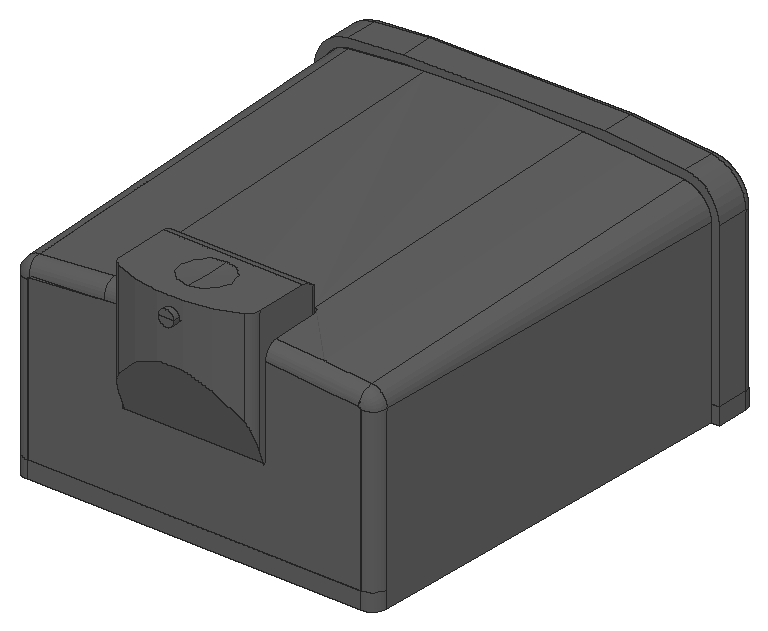
Revit family "Soap_Dispenser-Surface_Mounted-Bobrick-ClassicSeries-B-42", category Specialty Equipment, host Face, Revit 2014
Parameters (values of type "B-42")
  Width = 5 13/16"
  URL = "http://www.bobrick.com/Pages/default.aspx"
  Specification = "Soap dispenser shall have black, high-impact-resistant ABS wall bracket, lid, push button, and spout. Bracket shall be equipped with a locking device to secure lid, container, and a removable plastic key to disengage locking device. Vandal-resistant lid shall pivot up for top filling only after lock is disengaged. Corrosion-resistant valve shall have soap head-holding mushroom valve, stainless steel spring, U-packing seal, and duckbill; and shall dispense commercially marketed all-purpose hand soaps. Valve shall be operable with one hand and with less than 5 pounds of force (22.2 N) to comply with accessible design (including ADAAG in U.S.A.). Container shall be black, translucent ABS with a capacity of 40-fl oz (1.2-L), be retained to the wall bracket by a sliding latch and a container stop spring tab and shall be removable for maintenance or replacement."
  Product Page URL = "http://products.bobrick.com/washroomaccessories/Pages/ProductDetails.aspx?Product+Number=B-42"
  Product Documentation Link = "http://products.bobrick.com/Documents/B-42_td.pdf"
  Model = "B-42"  # constant formula
  Material = "ABS Plastic (Black)"
  Manufacturer = "Bobrick Washroom Equipment, Inc."  # constant formula
  Length = 3 3/8"
  Keynote = ""
  Height = 6 7/8"
  Finish = ABS Plastic (Black)
  Description = "Soap Dispenser For Liquid And Lotion Soaps, And Detergents"  # constant formula
  Default Elevation = 50"
  Capacity = "40-fl oz (1.2-L)"  # constant formula
  Assembly Code = "C1030200"
Reference planes (in)
  plane 1 "Center (Front/Back)": y = -15.27665
  plane 2 "Wall 1": z = 0
  plane 3 "Center (Left/Right)": x = 0
  plane 4: z = 3.375
  plane 5: y = -22.15165
  plane 6: x = -2.125
  plane 7: x = 2.125
  plane 8: y = -21.08915
  plane 9: y = -16.96415
  plane 10: x = -2.90625
  plane 11: x = 2.90625
  plane 12: y = -21.65165
  plane 13: y = -12.52665
Forms (in)
  Sweep 1, solid, material "ABS Plastic (Black)" <- "Finish"
    path origin (-60.9014, 11.66513, -13.66844) x (1, 0, 0) y (0, 0, -1)
      loop
        line (58.12015, -13.91844) -> (58.12015, -16.22987)
        arc (58.12015, -16.22987) -> (58.22859, -16.51371) -> (58.49867, -16.65294) r 0.4257
        arc (58.49867, -16.65294) -> (59.04539, -16.7069) -> (59.5933, -16.74699) r 21.681
        arc (59.5933, -16.74699) -> (60.72643, -16.78578) -> (61.86004, -16.76529) r 21.681
        arc (61.86004, -16.76529) -> (62.58302, -16.72118) -> (63.30413, -16.65294) r 21.681
        arc (63.30413, -16.65294) -> (63.5742, -16.51371) -> (63.68265, -16.22987) r 0.4257
        line (63.68265, -16.22987) -> (63.68265, -13.91844)
    profile origin (-2.78125, 11.66513, 1.40571) x (1, 0, 0) y (0, 1, 0)
      loop
        line (0, -27.53579) -> (0.17924, -33.10942)
        arc (0.17924, -33.10942) -> (0.24434, -33.25644) -> (0.39338, -33.31678) r 0.21425
        line (0.39338, -33.31678) -> (0.39338, -33.25428)
        arc (0.39338, -33.25428) -> (0.28782, -33.21154) -> (0.24171, -33.10741) r 0.15175
        line (0.24171, -33.10741) -> (0.06253, -27.53579) -> (0, -27.53579)
  Extrusion 2, solid, material "ABS Plastic (Black)" <- "Finish"
    sketch origin (-82.21709, -21.65165, 0) x (-1, 0, 0) y (0, -1, 0)
      loop
        arc (-79.43584, -6.375) -> (-79.34745, -6.33839) -> (-79.31084, -6.25) r 0.125
        line (-79.31084, -6.25) -> (-79.31084, -5.78099) -> (-79.43584, -5.78099) -> (-79.61508, -0.20736)
        arc (-79.61508, -0.20736) -> (-79.68018, -0.06034) -> (-79.82922, 0) r 0.21425
        line (-79.82922, 0) -> (-84.60496, 0)
        arc (-84.60496, 0) -> (-84.754, -0.06034) -> (-84.8191, -0.20736) r 0.21425
        line (-84.8191, -0.20736) -> (-84.99834, -5.78099) -> (-85.12334, -5.78099) -> (-85.12334, -6.25)
        arc (-85.12334, -6.25) -> (-85.08673, -6.33839) -> (-84.99834, -6.375) r 0.125
        line (-84.99834, -6.375) -> (-79.43584, -6.375)
    from 0 to 0.25
  Extrusion 3, void
    sketch origin (1, -62.29863, -1.68419) x (0, -1, 0) y (0, 0, 1)
      loop
        line (-40.19418, 4.25979) -> (-40.66665, 3.02896) -> (-40.66665, 1.69729) -> (-39.99134, 1.69729) -> (-39.99134, 4.25979) -> (-40.19418, 4.25979)
    from 0 to 2
  Extrusion 4, solid, material "ABS Plastic (Black)" <- "Finish"
    sketch origin (60.09768, -21.58271, 3.72914) x (-1, 0, 0) y (0, 0, -1)
      loop
        line (57.70981, 3.47914) -> (57.70981, 1.16771)
        arc (57.70981, 1.16771) -> (57.71804, 1.14617) -> (57.73854, 1.1356) r 0.03231
        arc (57.73854, 1.1356) -> (60.09768, 1.00447) -> (62.45681, 1.1356) r 21.28762
        arc (62.45681, 1.1356) -> (62.47731, 1.14617) -> (62.48554, 1.16771) r 0.03231
        line (62.48554, 1.16771) -> (62.48554, 3.47914) -> (57.70981, 3.47914)
    from -1.02338 to 0.06894
  Extrusion 5, solid, material "ABS Plastic (Black)" <- "Finish"
    sketch origin (-61.16458, -21.65165, -9.52092) x (1, 0, 0) y (0, 0, -1)
      loop
        line (63.94583, -9.76397) -> (58.38333, -9.76397) -> (58.38333, -12.09281)
        arc (58.38333, -12.09281) -> (58.49164, -12.37487) -> (58.7609, -12.51195) r 0.42142
        arc (58.7609, -12.51195) -> (59.15873, -12.5501) -> (59.55716, -12.58136) r 23.09675
        arc (59.55716, -12.58136) -> (60.98599, -12.63667) -> (62.41551, -12.60346) r 23.09675
        arc (62.41551, -12.60346) -> (62.98981, -12.56513) -> (63.56298, -12.5125) r 23.09675
        arc (63.56298, -12.5125) -> (63.836, -12.37357) -> (63.94583, -12.0876) r 0.42721
        line (63.94583, -12.0876) -> (63.94583, -9.76397)
    from 6.3125 to 6.375
  Extrusion 6, solid, material "ABS Plastic (Black)" <- "Finish"
    sketch origin (103.47693, 0.23199, 0.12673) x (0, 1, 0) y (1, 0, 0)
      loop
        line (-21.95258, -104.47693) -> (-21.00798, -104.47693)
        arc (-21.00798, -104.47693) -> (-20.95411, -104.45461) -> (-20.93179, -104.40074) r 0.07619
        line (-20.93179, -104.40074) -> (-20.93179, -102.55312)
        arc (-20.93179, -102.55312) -> (-20.95411, -102.49925) -> (-21.00798, -102.47693) r 0.07619
        line (-21.00798, -102.47693) -> (-21.95258, -102.47693)
        arc (-21.95258, -102.47693) -> (-22.04313, -102.50326) -> (-22.10544, -102.57404) r 0.16886
        arc (-22.10544, -102.57404) -> (-22.30679, -103.47693) -> (-22.10544, -104.37981) r 2.125
        arc (-22.10544, -104.37981) -> (-22.04313, -104.4506) -> (-21.95258, -104.47693) r 0.16886
    from -3.24827 to -1.13637
  Extrusion 7, void
    sketch origin (1, 0.23939, -17.09095) x (0, 1, 0) y (0, 0, -1)
      loop
        arc (-20.93919, -20.21595) -> (-21.01241, -20.39273) -> (-21.18919, -20.46595) r 0.25
        line (-21.18919, -20.46595) -> (-21.18919, -20.51463) -> (-20.89193, -20.51463) -> (-20.89193, -20.21595) -> (-20.93919, -20.21595)
    from 0 to 2
  Revolve 8, solid, material "ABS Plastic (Black)" <- "Finish"
    sketch origin (101.70725, -18.96494, 3.125) x (0, 1, 0) y (-1, 0, 0)
      loop
        line (-3.18671, 101.70634) -> (-2.83433, 101.70634) -> (-2.83433, 101.81889) -> (-3.18671, 101.81889) -> (-3.18671, 101.70634)
      axis (-2.83433, 101.70634) -> (-3.18671, 101.70634)
    angle from 0 to 360
  Extrusion 9, void
    sketch origin (25.12901, -19.13226, 0) x (0, 1, 0) y (1, 0, 0)
      loop
        circle (2.16811, -23.00401) r 0.125
      loop
        circle (2.16811, -27.25401) r 0.125
      loop
        circle (-1.95689, -25.12901) r 0.125
    from -0.25 to 0
  Revolve 10, void
    sketch origin (-0.00283, -22.25194, 13.49404) x (0, 0, 1) y (0, -1, 0)
      loop
        line (-6.88882, 2.41979) -> (-6.88882, -4.08021)
        arc (-6.88882, -4.08021) -> (-3.63882, -0.83021) -> (-6.88882, 2.41979) r 3.25
      axis (-6.88882, 2.41979) -> (-6.88882, -4.08021)
    angle from 0 to 360
  Sweep 11, void
    path origin (0, 0, 0) x (1, 0, 0) y (0, 1, 0)
      loop
        line (-1.00658, -21.74365) -> (-1.00658, -20.77927)
        arc (-1.00658, -20.77927) -> (-0.98135, -20.71834) -> (-0.92042, -20.6931) r 0.08617
        line (-0.92042, -20.6931) -> (0.92321, -20.6931)
        arc (0.92321, -20.6931) -> (0.98302, -20.71787) -> (1.00779, -20.77768) r 0.08458
        line (1.00779, -20.77768) -> (1.00779, -21.74238)
    profile origin (-1.00658, -21.26146, 0) x (-1, 0, 0) y (0, 0, 1)
      loop
        line (0.01776, 3.56123) -> (-0.04136, 3.56123) -> (-0.04136, 1.39648) -> (0.01776, 1.39648) -> (0.01776, 3.56123)
  Sweep 12, solid, material "ABS Plastic (Black)" <- "Finish"
    path origin (-61.16458, -15.33915, -9.52092) x (1, 0, 0) y (0, 0, -1)
      loop
        line (58.38333, -9.77092) -> (58.38333, -12.09281)
        arc (58.38333, -12.09281) -> (58.49164, -12.37487) -> (58.7609, -12.51195) r 0.42142
        arc (58.7609, -12.51195) -> (59.15873, -12.5501) -> (59.55716, -12.58136) r 23.09675
        arc (59.55716, -12.58136) -> (60.98599, -12.63667) -> (62.41551, -12.60346) r 23.09675
        arc (62.41551, -12.60346) -> (62.98981, -12.56513) -> (63.56298, -12.5125) r 23.09675
        arc (63.56298, -12.5125) -> (63.836, -12.37357) -> (63.94583, -12.0876) r 0.42721
        line (63.94583, -12.0876) -> (63.94583, -9.77092)
    profile origin (2.78125, -15.33915, 1.40834) x (0, 1, 0) y (-1, 0, 0)
      loop
        arc (-0.0625, -0.125) -> (0.02589, -0.08839) -> (0.0625, 0) r 0.125
        line (0.0625, 0) -> (-0.53151, 0) -> (-0.53151, -0.125) -> (-0.0625, -0.125)
Cuts and joins
  Extrusion 3, Extrusion 7, Revolve 10 cuts Extrusion 6
  Sweep 11 cuts Sweep 1
  Extrusion 9 cuts Extrusion 2
  joined: Sweep 1, Extrusion 2, Extrusion 5
  Sweep 11 cuts Extrusion 4
Lines and regions (in)
  Masking region 1
    outline origin (0, -15.27665, 0) x (1, 0, 0) y (0, 0, 1)
      loop
        line (2.90625, 0.25) -> (2.90625, 2.56667)
        arc (2.90625, 2.56667) -> (2.76428, 2.93632) -> (2.41138, 3.1159) r 0.55221
        arc (2.41138, 3.1159) -> (1.83511, 3.16882) -> (1.25769, 3.20736) r 23.22175
        arc (1.25769, 3.20736) -> (1.1288, 3.21399) -> (0.99987, 3.21991) r 23.22175
        line (0.99987, 3.21991) -> (0.99987, 3.37528) -> (-1.00013, 3.37528) -> (-1.00013, 3.21989)
        arc (-1.00013, 3.21989) -> (-1.30825, 3.20456) -> (-1.61613, 3.18514) r 23.22175
        arc (-1.61613, 3.18514) -> (-2.01671, 3.1537) -> (-2.41669, 3.11535) r 23.22175
        arc (-2.41669, 3.11535) -> (-2.76581, 2.93761) -> (-2.90625, 2.57189) r 0.54642
        line (-2.90625, 2.57189) -> (-2.90625, 0.25) -> (-2.90625, 0) -> (2.90625, 0) -> (2.90625, 0.25)
  symbolic lines, detail levels medium+fine
    curve 1: arc (0.99987, -15.27665, 3.21991) -> (0, -15.27665, 3.24404) -> (-0.99987, -15.27665, 3.21991) r 20.72313
Dimensions and locks (in)
  Sweep 1 to plane 5 = 1/2"
  "Width": plane 10 to plane 11
  "Height": plane 5 to plane 1 "Center (Front/Back)"
  plane 9 to plane 8 = 4 1/8"
  plane 6 to plane 3 "Center (Left/Right)" = 2 1/8"
  cut or joined group of Extrusion 4, Sweep 11 to plane 1 "Center (Front/Back)" = 6 3/8"
  plane 13 to plane 12 = 9 1/8"
  "Length": host face to plane 4
  aligned and locked: plane 2 "Wall 1" to host face
  aligned and locked: level to host face
  aligned and locked: Extrusion 3 to Extrusion 6
  aligned and locked: Extrusion 6 to Extrusion 3
  aligned and locked: plane 6 to Extrusion 9 sketch curve
  aligned and locked: plane 9 to Extrusion 9 sketch curve  (x2)
  aligned and locked: plane 7 to Extrusion 9 sketch curve
  aligned and locked: plane 8 to Extrusion 9 sketch curve
  aligned and locked: plane 3 "Center (Left/Right)" to Extrusion 9 sketch curve
  aligned and locked: Extrusion 2 to Extrusion 9
  aligned and locked: Sweep 1 to Extrusion 9
Automatic sketch dimensions
  host sketch curve to host sketch curve = 59.99564"
  host sketch curve to host sketch curve = 66.48732"
  Sweep 1 sketch curve to plane 3 "Center (Left/Right)" = 0"
  Sweep 1 sketch curve to plane 6 = 0.23055"
  Sweep 1 sketch curve to plane 10 = 1/8"
  plane 7 to Sweep 1 sketch curve = 0.23055"
  plane 11 to Sweep 1 sketch curve = 1/8"
  plane 4 to Sweep 1 sketch curve = 0.81357"  (x2)
  Sweep 1 sketch curve to level = 18.56295"
  Sweep 1 sketch curve to Sweep 1 sketch curve = 0"  (x7)
  level to Sweep 1 sketch curve = 1/4"  (x2)
  Sweep 1 sketch curve to profile plane = 0"
  Sweep 1 sketch curve to Sweep 1 sketch curve = 0.06253"
  Sweep 1 sketch curve to profile plane = 0.17924"
  Sweep 1 sketch curve to Sweep 1 sketch curve = 0.06247"
  Sweep 1 sketch curve to Sweep 1 sketch curve = 0.15167"
  Sweep 1 sketch curve to profile plane = 33.31678"
  Sweep 1 sketch curve to Sweep 1 sketch curve = 1/16"
  Sweep 1 sketch curve to Sweep 1 sketch curve = 0.14486"
  Sweep 1 sketch curve to Sweep 1 sketch curve = 5.57162"
  Extrusion 2 sketch curve to plane 11 = 0"
  plane 1 "Center (Front/Back)" to Extrusion 2 sketch curve = 0"
  Extrusion 2 sketch curve to plane 10 = 0"
  Extrusion 2 sketch curve to Extrusion 2 sketch curve = 1/8"
  plane 11 to Extrusion 2 sketch curve = 1/8"
  plane 11 to Extrusion 2 sketch curve = 0.30424"
  Extrusion 2 sketch curve to Extrusion 2 sketch curve = 0.21414"  (x2)
  Extrusion 2 sketch curve to plane 6 = 0.26287"
  Extrusion 2 sketch curve to plane 10 = 1/8"  (x2)
  Extrusion 2 sketch curve to Extrusion 2 sketch curve = 0.46901"  (x2)
  Extrusion 2 sketch curve to plane 8 = 0.34825"
  Extrusion 2 sketch curve to Extrusion 2 sketch curve = 0"
  Extrusion 2 sketch curve to Extrusion 2 sketch curve = 0.00689"
  Extrusion 3 sketch curve to plane 5 = 0.51967"
  Extrusion 3 sketch curve to plane 5 = 0.0472"
  plane 5 to Extrusion 3 sketch curve = 0.15564"
  level to Extrusion 3 sketch curve = 0.0131"
  Extrusion 3 sketch curve to Extrusion 3 sketch curve = 1.33166"
  plane 4 to Extrusion 3 sketch curve = 0.7994"
  Extrusion 4 sketch curve to plane 3 "Center (Left/Right)" = 0"
  plane 7 to Extrusion 4 sketch curve = 0.23055"
  plane 7 to Extrusion 4 sketch curve = 0.26287"
  Extrusion 4 sketch curve to plane 6 = 0.23055"
  Extrusion 4 sketch curve to plane 6 = 0.26287"
  plane 4 to Extrusion 4 sketch curve = 0.81357"  (x2)
  level to Extrusion 4 sketch curve = 1/4"
  Extrusion 4 sketch curve to level = 18.56295"
  Extrusion 4 sketch curve to Extrusion 4 sketch curve = 0"
  Extrusion 6 sketch curve to plane 3 "Center (Left/Right)" = 0"
  Extrusion 6 sketch curve to plane 5 = 0.43106"  (x2)
  plane 8 to Extrusion 6 sketch curve = 0.31315"  (x2)
  Extrusion 6 sketch curve to Extrusion 6 sketch curve = 0.07619"
  plane 8 to Extrusion 6 sketch curve = 1.13935"
  plane 3 "Center (Left/Right)" to Extrusion 6 sketch curve = 0.83114"
  plane 3 "Center (Left/Right)" to Extrusion 6 sketch curve = 0.92381"
  Extrusion 6 sketch curve to plane 3 "Center (Left/Right)" = 0.83114"
  Extrusion 6 sketch curve to plane 3 "Center (Left/Right)" = 0.92381"
  Extrusion 6 sketch curve to Extrusion 6 sketch curve = 0"
  Extrusion 7 sketch curve to Extrusion 6 = 0"
  Extrusion 6 to Extrusion 7 sketch curve = 0.17381"
  Extrusion 7 sketch curve to Extrusion 6 = 0.07619"
  Extrusion 6 to Extrusion 7 sketch curve = 0.04868"
  Extrusion 7 sketch curve to Extrusion 6 = 0.12345"
  plane 5 to Revolve 8 sketch curve = 0"  (x2)
  Revolve 8 sketch curve to plane 3 "Center (Left/Right)" = 0.11164"
  Revolve 8 sketch curve to plane 5 = 0.35237"
  plane 3 "Center (Left/Right)" to Revolve 8 sketch curve = 0.00091"  (x2)
  Revolve 8 sketch curve to Revolve 8 sketch curve = 0.12355"
  Revolve 10 sketch curve to plane 9 = 1.20757"
  Revolve 10 sketch curve to plane 4 = 3.23022"
  Revolve 10 sketch curve to plane 5 = 0.72993"
  Revolve 10 sketch curve to Revolve 10 sketch curve = 0"  (x2)
  plane 9 to Revolve 10 sketch curve = 0.79243"
  plane 8 to Sweep 11 sketch curve = 0.30988"
  Sweep 11 sketch curve to plane 3 "Center (Left/Right)" = 1.00658"
  Sweep 11 sketch curve to Sweep 11 sketch curve = 0.08617"
  plane 3 "Center (Left/Right)" to Sweep 11 sketch curve = 0.92321"
  Sweep 11 sketch curve to Sweep 11 sketch curve = 0.08458"
  Sweep 11 sketch curve to plane 5 = 0.40927"
  Sweep 11 sketch curve to plane 5 = 0.408"
  profile plane to Sweep 11 sketch curve = 0.04136"
  Sweep 11 sketch curve to profile plane = 0.01776"
  profile plane to Sweep 11 sketch curve = 1.39648"
  Sweep 11 sketch curve to Sweep 11 sketch curve = 2.16475"
  plane 4 to Sweep 1 sketch curve = 0.27815"
  plane 4 to Sweep 1 sketch curve = 0.29644"
  Extrusion 5 to Sweep 12 sketch curve = 0.00695"  (x2)
  Sweep 12 sketch curve to profile plane = 0"
  profile plane to Sweep 12 sketch curve = 1/8"
  Sweep 12 sketch curve to profile plane = 0.53151"
  Sweep 12 sketch curve to profile plane = 1/16"
  Extrusion 5 sketch curve to Extrusion 5 sketch curve = 0"  (x7)
  Extrusion 5 sketch curve to plane 3 "Center (Left/Right)" = 0"
  Extrusion 5 sketch curve to plane 6 = 0.23483"
  Extrusion 5 sketch curve to plane 10 = 1/8"
  plane 7 to Extrusion 5 sketch curve = 0.22904"
  plane 11 to Extrusion 5 sketch curve = 1/8"
  plane 4 to Extrusion 5 sketch curve = 0.80311"
  plane 4 to Extrusion 5 sketch curve = 0.80833"
  level to Extrusion 5 sketch curve = 0.24305"
  Extrusion 5 sketch curve to level = 19.98031"
  plane 6 to Extrusion 5 sketch curve = 0.51757"
  plane 4 to Extrusion 5 sketch curve = 0.29246"
  Sweep 12 sketch curve to Extrusion 5 = 0"
  Extrusion 5 to Sweep 12 sketch curve = 0"
  Sweep 12 sketch curve to Sweep 12 sketch curve = 2.32189"
  Sweep 12 sketch curve to Sweep 12 sketch curve = 2.31667"
  Extrusion 5 to Sweep 12 sketch curve = 1.53033"
  Extrusion 5 to Sweep 12 sketch curve = 1.17382"
  Extrusion 5 to Sweep 12 sketch curve = 0.42721"
  Extrusion 5 to Sweep 12 sketch curve = 0.38285"
  Sweep 12 sketch curve to Sweep 12 sketch curve = 0"  (x3)
  Extrusion 5 to Sweep 12 sketch curve = 0.37757"
  Sweep 12 sketch curve to Sweep 12 sketch curve = 0.04386"
  Masking region 1 sketch curve to Masking region 1 sketch curve = 0"  (x7)
  plane 10 to Masking region 1 sketch curve = 0"
  Masking region 1 sketch curve to plane 3 "Center (Left/Right)" = 0"
  plane 11 to Masking region 1 sketch curve = 0"
  Masking region 1 sketch curve to level = 0"
  Masking region 1 sketch curve to plane 6 = 0.23483"
  Masking region 1 sketch curve to plane 4 = 0.00028"
  plane 3 "Center (Left/Right)" to Masking region 1 sketch curve = 0.99987"
  plane 7 to Masking region 1 sketch curve = 0.22904"
  Masking region 1 sketch curve to Masking region 1 sketch curve = 1/4"  (x2)
  plane 4 to Masking region 1 sketch curve = 0.80833"
  plane 4 to Masking region 1 sketch curve = 0.80311"
  plane 4 to Masking region 1 sketch curve = 0.18986"
  Masking region 1 sketch curve to Masking region 1 sketch curve = 0.61599"
  plane 4 to Masking region 1 sketch curve = 0.16764"
  plane 4 to Masking region 1 sketch curve = 0.15511"
  Masking region 1 sketch curve to Masking region 1 sketch curve = 33/128"
  curve 1 to plane 3 "Center (Left/Right)" = 0"
  curve 1 to level = 17.47909"
  plane 4 to curve 1 = 0.15509"  (x2)
  curve 1 to plane 3 "Center (Left/Right)" = 0.99987"
  radius of Extrusion 9 sketch curve = 1/8"  (x3)
  radius of Sweep 12 sketch curve to Extrusion 5 = 0"
